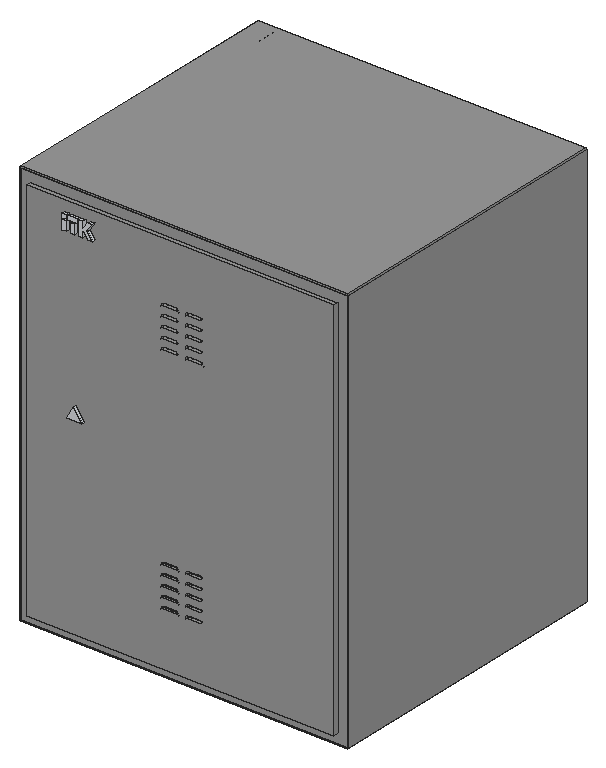
Revit family "Шкаф ITK уличный (навесной)", category Электрооборудование, Revit 2016
Family settings
  Тип детали = Другая панель
  Размер круглого соединителя = Использовать диаметр
  Номер OmniClass = 23.80.30.11.17
  Заголовок OmniClass = Distribution Boards and Control Panels
  На основе рабочей плоскости = Нет
  Всегда вертикально = Да
  При загрузке вырезать с полостями = Нет
  Общий = Нет
  Точка расчета площади = Нет
Parameters
  Ширина УГО = Ширина / 100  # 6.5 mm
  Ширина = 650 mm
  Степень защиты = "IP55"
  Смещение УГО по X [instance] = 1000 mm
  Основание = 1 mm
  Описание = "Серия Outdoor-шкафов ITK для наружной установки отлично подходит для размещения активного и пассивного телекоммуникационного оборудования, электротехнических и измерительных приборов, источников бесперебойного питания и батарей на открытых, удаленных и слабоконтролируемых площадках вне зданий, подверженных неблагоприятным внешним факторам.\r\n\r\nВ таких условиях шкафы LINEA O отлично справляются с задачей поддержания заданного температурного режима, необходимого для установленного оборудования и его корректной работы, а также с защитой от несанкционированного доступа к оборудованию.\r\nАнтивандальная конструкция.\r\nСтатическая нагрузка до 1000 кг.\r\nДоступ к креплению внешних элементов конструкции возможен только изнутри.\r\nПредустановленные вентиляторные блоки для обогрева и охлаждения.\r\nВнутреннее покрытие обеспечивает абсорбцию влажности, создаваемой на внутренней поверхности крыши.\r\nСпециальное внешнее покрытие, устойчивое к жестким климатическим условиям и УФ.\r\nВысокая стойкость к вибрациям и сейсмотолчкам\r\nКорпус шкафа и материал уплотнителя обеспечивают защиту от электромагнитных помех.\r\nСоответствие международным стандартам ISO9001, IEC 61969 и ГОСТ 14254.\r\nРасширенная гарантия до 10 лет."  # constant formula
  Материал = Окраска - RAL 7035
  Type Comments = " "
  Изготовитель = "ITK"  # constant formula
  Засечка УГО = 1.2 mm  # constant formula
  Глубина УГО = Глубина / 100  # 5.93 mm
  Глубина = 593 mm
  Высота = 810 mm
  Вид установки = "Уличный настенный"
  URL = "http://www.itk-group.ru/produktsiya/catalog/?page=section&id=351"
  ADSK_Ток = 0 A
  ADSK_Примечание = ""
  ADSK_Полная мощность = 0 VA
  ADSK_Позиция [instance] = ""
  ADSK_Номинальная мощность = 0 W
  ADSK_Напряжение = 220 V
  ADSK_Наименование краткое = "LO35-12U66-M55"
  ADSK_Наименование = "ITK Шкаф уличный 19\" 12U 650x600, IP55 металл дверь, серый"
  ADSK_Масса = 0
  ADSK_Марка = "LO35-12U66-M55"
  ADSK_Коэффициент мощности = 1
  ADSK_Количество фаз числовое = 1
  ADSK_Количество фаз = 1
  ADSK_Код изделия = ""
  ADSK_Классификация нагрузок = Прочее
  ADSK_Завод-изготовитель = "IEK"
  ADSK_Единица измерения = "шт"
  ADSK_Группирование = "I. ЩИТЫ И ПУЛЬТЫ"
Reference planes
  plane 1 "По центру (Вперед/Назад)": y = 0
  plane 2: z = 0
  plane 3 "По центру (Влево/Вправо)": x = 0
  plane 4: x = -325
  plane 5: x = 325
  plane 6: y = 296.5
  plane 7: y = -296.5
  plane 8: z = 810
  plane 9 "Смещиние УГО по X": x = -1000
Forms (mm)
  Extrusion 1, solid, detail levels coarse+medium
    sketch origin (0, 0, 0) x (1, 0, 0) y (0, 1, 0)
      loop
        line (-325, 296.5) -> (-325, -296.5) -> (325, -296.5) -> (325, 296.5) -> (-325, 296.5)
    from 0 to 810 <- "Высота"
Lines and regions (mm)
  reference lines
    curve 1: line (0, 167.547, 0) -> (0, -172.453, 0)
Dimensions and locks
  equal spacing: plane 7, plane 1 "По центру (Вперед/Назад)", plane 6
  "Глубина": plane 7 to plane 6
  equal spacing: plane 4, plane 3 "По центру (Влево/Вправо)", plane 5
  "Ширина": plane 4 to plane 5
  "Высота": plane 8 to plane 2
  plane 9 "Смещиние УГО по X" to plane 3 "По центру (Влево/Вправо)" = 1000 mm
  "Смещение УГО по X": plane 9 "Смещиние УГО по X" to curve 1
  aligned and locked: level to plane 2
  aligned and locked: plane 3 "По центру (Влево/Вправо)" to nested 1
  aligned and locked: plane 1 "По центру (Вперед/Назад)" to nested 1
  aligned and locked: plane 1 "По центру (Вперед/Назад)" to nested 2
  aligned and locked: plane 3 "По центру (Влево/Вправо)" to nested 2
  aligned and locked: plane 1 "По центру (Вперед/Назад)" to nested 3
  aligned and locked: plane 3 "По центру (Влево/Вправо)" to nested 3
  aligned and locked: plane 1 "По центру (Вперед/Назад)" to nested 4
  aligned and locked: plane 3 "По центру (Влево/Вправо)" to nested 4
  aligned and locked: plane 1 "По центру (Вперед/Назад)" to nested 5
  aligned and locked: nested 5 to curve 1
  aligned and locked: Extrusion 1 sketch curve to plane 4
  aligned and locked: Extrusion 1 sketch curve to plane 6
  aligned and locked: plane 5 to Extrusion 1 sketch curve
  aligned and locked: plane 7 to Extrusion 1 sketch curve
Automatic sketch dimensions
  curve 1 to plane 7 = 124.047 mm
  curve 1 to plane 6 = 128.953 mm
Nested families
  nested 1: "Панель боковая_2шт" at (0, 0, 0), type "Панель боковая_2шт", detail levels fine
    with Высота 810 mm
  nested 2: "Панель задняя" at (0, 0, 0), type "Панель задняя", detail levels fine
    with Ширина 650 mm, Основание 1 mm, Глубина 593 mm, Высота 810 mm, L 2 mm
  nested 3: "Основание_2шт" at (0, 0, 0), type "Основание_2шт", detail levels fine
    with Ширина 650 mm, Основание 1 mm, Крыша1 no, Крыша0 yes, Глубина 593 mm, Высота 810 mm, L 2 mm
  nested 4: "Комплект двери" at (0, 0, 0), type "Комплект двери", detail levels fine
    with Глубина 593 mm, Высота 810 mm
  nested 5: "УГО (одна дверь)" at (0, 0, 0), type "УГО (одна дверь)", detail levels coarse+medium
    with Ширина УГО 6.5 mm, Глубина УГО 5.93 mm
Connectors
  electrical at (0, 296.5, 404.5), driven by "ADSK_Количество фаз", driven by "ADSK_Классификация нагрузок", driven by "ADSK_Напряжение", driven by "ADSK_Полная мощность", driven by "ADSK_Коэффициент мощности"
    settings: on nested 2, index 1, voltage 220 V, apparent load 0 VA, apparent load phase1 0 VA, apparent load phase2 0 VA, apparent load phase3 0 VA, power factor 1, load classification "Прочее", number of poles 1, system type 31, power factor state 1, is connector primary yes, connector utility no, sub classification motor no, connector description ""
Definition of nested family "Панель боковая_2шт"
  Parameters
    Ширина = 650 mm
    Основание = 1 mm
    Материал = none
    Глубина = 593 mm
    Высота = 676 mm
    L1 = if(Высота > 1000 mm, 40 mm, 2 mm)  # 2 mm
    L = if(Высота > 1000 mm, 35 mm, 2 mm)  # 2 mm
  Reference planes
    plane 1 "По центру (Вперед/Назад)": y = 0
    plane 2: z = 0
    plane 3 "По центру (Влево/Вправо)": x = 0
    plane 4: x = -325
    plane 5: x = 325
    plane 6: y = 296.5
    plane 7: y = -296.5
    plane 8: x = -327
    plane 9: x = 327
    plane 10: z = 674
    plane 11: z = 1
    plane 12: z = 676
  Forms (mm)
    Extrusion 1, solid, material <- "Материал"
      sketch origin (0, 0, 0) x (1, 0, 0) y (0, 1, 0)
        loop
          line (-327, 296.5) -> (-327, -296.5) -> (-325, -296.5) -> (-325, 296.5) -> (-327, 296.5)
        loop
          line (325, 296.5) -> (325, -296.5) -> (327, -296.5) -> (327, 296.5) -> (325, 296.5)
      from 1 to 674
  Dimensions and locks
    equal spacing: plane 7, plane 1 "По центру (Вперед/Назад)", plane 6
    equal spacing: plane 4, plane 3 "По центру (Влево/Вправо)", plane 5
    "Ширина": plane 4 to plane 5
    "Глубина": plane 7 to plane 6
    "L1": plane 12 to plane 10
    "Основание": plane 11 to plane 2
    "Высота": plane 12 to plane 2
    "L": plane 8 to plane 4
    "L": plane 5 to plane 9
    aligned and locked: level to plane 2
    aligned and locked: Extrusion 1 sketch curve to plane 6  (x2)
    aligned and locked: plane 8 to Extrusion 1 sketch curve
    aligned and locked: Extrusion 1 sketch curve to plane 7  (x2)
    aligned and locked: Extrusion 1 sketch curve to plane 4
    aligned and locked: Extrusion 1 sketch curve to plane 5
    aligned and locked: plane 9 to Extrusion 1 sketch curve
    aligned and locked: plane 10 to Extrusion 1
    aligned and locked: Extrusion 1 to plane 11
Definition of nested family "Панель задняя"
  Parameters
    Ширина = 600 mm
    Основание = 150 mm
    Материал = none
    Глубина = 600 mm
    Высота = 1800 mm
    L = if(Высота > 1000 mm, 40 mm, 2 mm)  # 40 mm
  Reference planes
    plane 1 "По центру (Вперед/Назад)": y = 0
    plane 2: z = 0
    plane 3 "По центру (Влево/Вправо)": x = 0
    plane 4: x = -300
    plane 5: x = 300
    plane 6: y = 300
    plane 7: y = -300
    plane 8: y = 260
    plane 9: y = -260
    plane 10: x = -260
    plane 11: x = 260
    plane 12: z = 1760
    plane 13: z = 1800
    plane 14: z = 150
  Forms (mm)
    Extrusion 1, solid, material <- "Материал"
      sketch origin (0, 0, 0) x (1, 0, 0) y (0, 1, 0)
        loop
          line (-300, 300) -> (-300, 260) -> (-270, 260) -> (-270, 245) -> (-260, 245) -> (-260, 290) -> (260, 290) -> (260, 245) -> (270, 245) -> (270, 260) -> (300, 260) -> (300, 300) -> (-300, 300)
      from 150 to 1760
  Dimensions and locks
    equal spacing: plane 7, plane 1 "По центру (Вперед/Назад)", plane 6
    equal spacing: plane 4, plane 3 "По центру (Влево/Вправо)", plane 5
    "Ширина": plane 4 to plane 5
    "Глубина": plane 7 to plane 6
    locked: plane 7 to plane 9 at 40
    locked: plane 6 to plane 8 at 40
    locked: plane 11 to plane 5 at 40
    locked: plane 4 to plane 10 at 40
    "L": plane 13 to plane 12
    "Основание": plane 14 to plane 2
    "Высота": plane 13 to plane 2
    aligned and locked: level to plane 2
    aligned and locked: Extrusion 1 sketch curve to plane 6
    aligned and locked: Extrusion 1 sketch curve to plane 4
    aligned and locked: Extrusion 1 sketch curve to plane 8
    aligned and locked: plane 10 to Extrusion 1 sketch curve
    aligned and locked: plane 5 to Extrusion 1 sketch curve
    aligned and locked: Extrusion 1 sketch curve to plane 11
    aligned and locked: plane 8 to Extrusion 1 sketch curve
    aligned and locked: plane 12 to Extrusion 1
    aligned and locked: Extrusion 1 to plane 14
  Automatic sketch dimensions
    Extrusion 1 sketch curve to plane 10 = 10 mm
    Extrusion 1 sketch curve to plane 11 = 10 mm
    Extrusion 1 sketch curve to plane 8 = 15 mm  (x2)
    Extrusion 1 sketch curve to plane 6 = 10 mm
Definition of nested family "Основание_2шт"
  Parameters
    Ширина = 714 mm
    Основание = 120 mm
    Материал = none
    Крыша0 = not(Крыша1)  # no
    Крыша1 = Высота > 1000 mm  # yes
    Глубина = 857 mm
    Высота = 1303 mm
    L = if(Высота > 1000 mm, 40 mm, 2 mm)  # 40 mm
  Reference planes
    plane 1 "По центру (Вперед/Назад)": y = 0
    plane 2: z = 0
    plane 3 "По центру (Влево/Вправо)": x = 0
    plane 4: x = -357
    plane 5: x = 357
    plane 6: y = 428.5
    plane 7: y = -428.5
    plane 8: y = 388.5
    plane 9: y = -388.5
    plane 10: x = -317
    plane 11: x = 317
    plane 12: z = 120
    plane 13: z = 1303
    plane 14: z = 1263
  Forms (mm)
    Extrusion 1, solid, material <- "Материал"
      sketch origin (0, 0, 0) x (1, 0, 0) y (0, 0, 1)
        loop
          line (-357, 120) -> (-357, 0) -> (357, 0) -> (357, 120) -> (-357, 120)
      from -428.5 to 428.5
    Blend 2, solid, material <- "Материал", visible <- "Крыша1"
      base sketch origin (-1511.359, -1524, 1263) x (-1, 0, 0) y (0, -1, 0)
        loop
          line (-1104.359, -1045.5) -> (-1918.359, -1045.5) -> (-1918.359, -2002.5) -> (-1104.359, -2002.5) -> (-1104.359, -1045.5)
      top sketch origin (-1511.359, -1524, 1263) x (-1, 0, 0) y (0, -1, 0)
        loop
          line (-1154.359, -1952.5) -> (-1154.359, -1095.5) -> (-1868.359, -1095.5) -> (-1868.359, -1952.5) -> (-1154.359, -1952.5)
      from 0 to 40
    Extrusion 3, solid, material <- "Материал", visible <- "Крыша0"
      sketch origin (0, 0, 0) x (1, 0, 0) y (0, 1, 0)
        loop
          line (-357, 428.5) -> (-357, -428.5) -> (357, -428.5) -> (357, 428.5) -> (-357, 428.5)
      from 1263 to 1303
  Dimensions and locks
    equal spacing: plane 7, plane 1 "По центру (Вперед/Назад)", plane 6
    equal spacing: plane 4, plane 3 "По центру (Влево/Вправо)", plane 5
    "Ширина": plane 4 to plane 5
    "Глубина": plane 7 to plane 6
    locked: plane 7 to plane 9 at 40
    locked: plane 6 to plane 8 at 40
    locked: plane 11 to plane 5 at 40
    locked: plane 4 to plane 10 at 40
    "L": plane 13 to plane 14
    "Основание": plane 12 to plane 2
    "Высота": plane 13 to plane 2
    aligned and locked: level to plane 2
    aligned and locked: Extrusion 1 sketch curve to plane 12
    aligned and locked: plane 4 to Extrusion 1 sketch curve
    aligned and locked: plane 5 to Extrusion 1 sketch curve
    aligned and locked: plane 6 to Extrusion 1
    aligned and locked: plane 7 to Extrusion 1
    aligned and locked: Extrusion 1 to level
    aligned and locked: Blend 2 sketch curve to Extrusion 1  (x4)
    aligned and locked: plane 13 to Blend 2
    aligned and locked: Blend 2 to plane 14
    aligned and locked: Extrusion 3 sketch curve to Extrusion 1  (x4)
    aligned and locked: Extrusion 3 to plane 14
    aligned and locked: plane 13 to Extrusion 3
  Automatic sketch dimensions
    Extrusion 1 sketch curve to plane 12 = 120 mm
    plane 6 to Blend 2 sketch curve = 50 mm
    Blend 2 sketch curve to plane 5 = 50 mm
    Blend 2 sketch curve to plane 4 = 50 mm
    plane 7 to Blend 2 sketch curve = 50 mm
Definition of nested family "Комплект двери"
  Parameters
    Ширина = 650 mm
    Материал = none
    Глубина = 600 mm
    Высота = 600 mm
    a = 150 mm
    L = 2 mm
  Reference planes
    plane 1 "По центру (Вперед/Назад)": y = 0
    plane 2: z = 0
    plane 3 "По центру (Влево/Вправо)": x = 0
    plane 4: x = -325
    plane 5: x = 325
    plane 6: y = 300
    plane 7: y = -300
    plane 8: y = 298
    plane 9: y = -298
    plane 10: x = -305
    plane 11: x = 305
    plane 12: z = 598
    plane 13: z = 20
    plane 14: z = 578
    plane 15: z = 600
    plane 16: x = -205
    plane 17: z = 528
    plane 18: y = -310
    plane 19: z = 378
    plane 20: z = 300
  Forms (mm)
    Extrusion 1, solid, material <- "Материал"
      sketch origin (0, 0, 0) x (1, 0, 0) y (0, 1, 0)
        loop
          line (-305, -310) -> (305, -310) -> (305, -300) -> (-305, -300) -> (-305, -310)
      from 20 to 578
    Extrusion 2, solid, material <- "Материал"
      sketch origin (0, 0, 0) x (1, 0, 0) y (0, 1, 0)
        loop
          line (-325, -298) -> (-325, -300) -> (325, -300) -> (325, -298) -> (-325, -298)
      from 1 to 598
    Extrusion 3, void
      sketch origin (0, 0, -25) x (1, 0, 0) y (0, 0, 1)
        loop
          line (-10.265, 403) -> (-2.643, 403)
          arc (-2.643, 403) -> (-4.876, 408.39) -> (-10.265, 410.622) r 7.622
          line (-10.265, 410.622) -> (-29.945, 410.622)
          arc (-29.945, 410.622) -> (-35.335, 408.39) -> (-37.567, 403) r 7.622
          line (-37.567, 403) -> (-29.945, 403) -> (-10.265, 403)
        loop
          arc (46.557, 403) -> (44.324, 408.39) -> (38.935, 410.622) r 7.622
          line (38.935, 410.622) -> (19.255, 410.622)
          arc (19.255, 410.622) -> (13.865, 408.39) -> (11.633, 403) r 7.622
          line (11.633, 403) -> (19.255, 403) -> (38.935, 403) -> (46.557, 403)
        loop
          arc (46.557, 481.72) -> (44.324, 487.11) -> (38.935, 489.342) r 7.622
          line (38.935, 489.342) -> (19.255, 489.342)
          arc (19.255, 489.342) -> (13.865, 487.11) -> (11.633, 481.72) r 7.622
          line (11.633, 481.72) -> (19.255, 481.72) -> (38.935, 481.72) -> (46.557, 481.72)
        loop
          arc (-2.643, 481.72) -> (-4.876, 487.11) -> (-10.265, 489.342) r 7.622
          line (-10.265, 489.342) -> (-29.945, 489.342)
          arc (-29.945, 489.342) -> (-35.335, 487.11) -> (-37.567, 481.72) r 7.622
          line (-37.567, 481.72) -> (-29.945, 481.72) -> (-10.265, 481.72) -> (-2.643, 481.72)
        loop
          arc (-2.643, 462.04) -> (-4.876, 467.43) -> (-10.265, 469.662) r 7.622
          line (-10.265, 469.662) -> (-29.945, 469.662)
          arc (-29.945, 469.662) -> (-35.335, 467.43) -> (-37.567, 462.04) r 7.622
          line (-37.567, 462.04) -> (-29.945, 462.04) -> (-10.265, 462.04) -> (-2.643, 462.04)
        loop
          line (-10.265, 442.36) -> (-2.64, 442.36)
          arc (-2.64, 442.36) -> (-4.872, 447.75) -> (-10.261, 449.982) r 7.621
          line (-10.261, 449.982) -> (-29.941, 449.982)
          arc (-29.941, 449.982) -> (-35.331, 447.75) -> (-37.564, 442.36) r 7.623
          line (-37.564, 442.36) -> (-29.945, 442.36) -> (-10.265, 442.36)
        loop
          line (-10.265, 422.68) -> (-2.645, 422.68)
          arc (-2.645, 422.68) -> (-4.877, 428.07) -> (-10.268, 430.303) r 7.623
          line (-10.268, 430.303) -> (-29.943, 430.303)
          arc (-29.943, 430.303) -> (-35.333, 428.07) -> (-37.566, 422.68) r 7.623
          line (-37.566, 422.68) -> (-29.945, 422.68) -> (-10.265, 422.68)
        loop
          line (38.935, 422.68) -> (46.557, 422.68)
          arc (46.557, 422.68) -> (44.322, 428.072) -> (38.929, 430.302) r 7.622
          line (38.929, 430.302) -> (19.257, 430.302)
          arc (19.257, 430.302) -> (13.867, 428.07) -> (11.634, 422.68) r 7.623
          line (11.634, 422.68) -> (19.255, 422.68) -> (38.935, 422.68)
        loop
          line (38.935, 442.36) -> (46.557, 442.36)
          arc (46.557, 442.36) -> (44.321, 447.753) -> (38.925, 449.983) r 7.622
          line (38.925, 449.983) -> (19.259, 449.983)
          arc (19.259, 449.983) -> (13.868, 447.75) -> (11.635, 442.36) r 7.623
          line (11.635, 442.36) -> (19.255, 442.36) -> (38.935, 442.36)
        loop
          line (38.935, 462.04) -> (46.557, 462.04)
          arc (46.557, 462.04) -> (44.324, 467.43) -> (38.935, 469.662) r 7.622
          line (38.935, 469.662) -> (19.255, 469.662)
          arc (19.255, 469.662) -> (13.865, 467.43) -> (11.633, 462.04) r 7.622
          line (11.633, 462.04) -> (19.255, 462.04) -> (38.935, 462.04)
      from 300 to 310
    Extrusion 4, void
      sketch origin (0, 0, -525) x (1, 0, 0) y (0, 0, 1)
        loop
          line (-10.265, 651.218) -> (-2.643, 651.218)
          arc (-2.643, 651.218) -> (-4.876, 656.607) -> (-10.265, 658.84) r 7.622
          line (-10.265, 658.84) -> (-29.945, 658.84)
          arc (-29.945, 658.84) -> (-35.335, 656.607) -> (-37.567, 651.218) r 7.622
          line (-37.567, 651.218) -> (-29.945, 651.218) -> (-10.265, 651.218)
        loop
          arc (46.557, 651.218) -> (44.324, 656.607) -> (38.935, 658.84) r 7.622
          line (38.935, 658.84) -> (19.255, 658.84)
          arc (19.255, 658.84) -> (13.865, 656.607) -> (11.633, 651.218) r 7.622
          line (11.633, 651.218) -> (19.255, 651.218) -> (38.935, 651.218) -> (46.557, 651.218)
        loop
          arc (46.557, 729.938) -> (44.324, 735.327) -> (38.935, 737.56) r 7.622
          line (38.935, 737.56) -> (19.255, 737.56)
          arc (19.255, 737.56) -> (13.865, 735.327) -> (11.633, 729.938) r 7.622
          line (11.633, 729.938) -> (19.255, 729.938) -> (38.935, 729.938) -> (46.557, 729.938)
        loop
          arc (-2.643, 729.938) -> (-4.876, 735.327) -> (-10.265, 737.56) r 7.622
          line (-10.265, 737.56) -> (-29.945, 737.56)
          arc (-29.945, 737.56) -> (-35.335, 735.327) -> (-37.567, 729.938) r 7.622
          line (-37.567, 729.938) -> (-29.945, 729.938) -> (-10.265, 729.938) -> (-2.643, 729.938)
        loop
          arc (-2.643, 710.258) -> (-4.876, 715.647) -> (-10.265, 717.88) r 7.622
          line (-10.265, 717.88) -> (-29.945, 717.88)
          arc (-29.945, 717.88) -> (-35.335, 715.647) -> (-37.567, 710.258) r 7.622
          line (-37.567, 710.258) -> (-29.945, 710.258) -> (-10.265, 710.258) -> (-2.643, 710.258)
        loop
          line (-10.265, 690.577) -> (-2.64, 690.577)
          arc (-2.64, 690.577) -> (-4.872, 695.967) -> (-10.261, 698.2) r 7.621
          line (-10.261, 698.2) -> (-29.941, 698.2)
          arc (-29.941, 698.2) -> (-35.331, 695.967) -> (-37.564, 690.577) r 7.623
          line (-37.564, 690.577) -> (-29.945, 690.577) -> (-10.265, 690.577)
        loop
          line (-10.265, 670.897) -> (-2.645, 670.897)
          arc (-2.645, 670.897) -> (-4.877, 676.288) -> (-10.268, 678.52) r 7.623
          line (-10.268, 678.52) -> (-29.943, 678.52)
          arc (-29.943, 678.52) -> (-35.333, 676.288) -> (-37.566, 670.897) r 7.623
          line (-37.566, 670.897) -> (-29.945, 670.897) -> (-10.265, 670.897)
        loop
          line (38.935, 670.897) -> (46.557, 670.897)
          arc (46.557, 670.897) -> (44.322, 676.29) -> (38.929, 678.52) r 7.622
          line (38.929, 678.52) -> (19.257, 678.52)
          arc (19.257, 678.52) -> (13.867, 676.287) -> (11.634, 670.897) r 7.623
          line (11.634, 670.897) -> (19.255, 670.897) -> (38.935, 670.897)
        loop
          line (38.935, 690.577) -> (46.557, 690.577)
          arc (46.557, 690.577) -> (44.321, 695.971) -> (38.925, 698.2) r 7.622
          line (38.925, 698.2) -> (19.259, 698.2)
          arc (19.259, 698.2) -> (13.868, 695.968) -> (11.635, 690.577) r 7.623
          line (11.635, 690.577) -> (19.255, 690.577) -> (38.935, 690.577)
        loop
          line (38.935, 710.258) -> (46.557, 710.258)
          arc (46.557, 710.258) -> (44.324, 715.647) -> (38.935, 717.88) r 7.622
          line (38.935, 717.88) -> (19.255, 717.88)
          arc (19.255, 717.88) -> (13.865, 715.647) -> (11.633, 710.258) r 7.622
          line (11.633, 710.258) -> (19.255, 710.258) -> (38.935, 710.258)
      from 300 to 310
    Extrusion 5, solid
      sketch origin (0, 0, 0) x (1, 0, 0) y (0, 0, 1)
        loop
          line (-220, 300) -> (-190, 300) -> (-205, 325.981) -> (-220, 300)
      from 310 to 313.876
  Cuts and joins
    Extrusion 3, Extrusion 4 cuts Extrusion 1
    Extrusion 4 cuts Extrusion 2
  Dimensions and locks
    equal spacing: plane 7, plane 1 "По центру (Вперед/Назад)", plane 6
    equal spacing: plane 4, plane 3 "По центру (Влево/Вправо)", plane 5
    "Ширина": plane 4 to plane 5
    "Глубина": plane 7 to plane 6
    "L": plane 7 to plane 9
    "L": plane 6 to plane 8
    locked: plane 11 to plane 5 at 20
    locked: plane 4 to plane 10 at 20
    locked: plane 12 to plane 14 at 20
    "L": plane 15 to plane 12
    locked: plane 16 to plane 4 at 120
    locked: plane 14 to plane 17 at 50
    "Высота": plane 15 to plane 2
    locked: plane 18 to plane 7 at 10
    "a": plane 17 to plane 19
    locked: plane 13 to plane 2 at 20
    equal spacing: plane 15, plane 20, plane 2
    aligned and locked: level to plane 2
    aligned and locked: plane 14 to Extrusion 1
    aligned and locked: Extrusion 1 to plane 13
    aligned and locked: Extrusion 1 sketch curve to plane 11
    aligned and locked: plane 18 to Extrusion 1 sketch curve
    aligned and locked: plane 7 to Extrusion 1 sketch curve
    aligned and locked: plane 9 to Extrusion 2 sketch curve
    aligned and locked: plane 4 to Extrusion 2 sketch curve
    aligned and locked: Extrusion 2 sketch curve to plane 7
    aligned and locked: plane 5 to Extrusion 2 sketch curve
    aligned and locked: plane 12 to Extrusion 2
    aligned and locked: plane 19 to Extrusion 3
    aligned and locked: plane 18 to Extrusion 3
    aligned and locked: Extrusion 3 to plane 7
    aligned and locked: nested 1 to plane 17
    aligned and locked: plane 16 to nested 1
    aligned and locked: nested 1 to Extrusion 5
  Automatic sketch dimensions
    Extrusion 1 sketch curve to plane 10 = 0 mm
    Extrusion 3 sketch curve to plane 19 = 0 mm  (x4)
    Extrusion 3 sketch curve to plane 3 "По центру (Влево/Вправо)" = 37.567 mm  (x2)
    Extrusion 3 sketch curve to Extrusion 3 sketch curve = 0 mm  (x20)
    Extrusion 3 sketch curve to Extrusion 3 sketch curve = 0.001 mm  (x2)
    Extrusion 3 sketch curve to Extrusion 3 sketch curve = 0.003 mm
    Extrusion 3 sketch curve to Extrusion 3 sketch curve = 7.619 mm
    Extrusion 3 sketch curve to Extrusion 3 sketch curve = 7.621 mm
    Extrusion 3 sketch curve to Extrusion 3 sketch curve = 7.622 mm  (x10)
    Extrusion 3 sketch curve to Extrusion 3 sketch curve = 0.002 mm  (x3)
    Extrusion 3 sketch curve to Extrusion 3 sketch curve = 0.004 mm  (x3)
    Extrusion 3 sketch curve to plane 3 "По центру (Влево/Вправо)" = 10.268 mm
    Extrusion 3 sketch curve to plane 3 "По центру (Влево/Вправо)" = 10.265 mm  (x4)
    Extrusion 3 sketch curve to plane 3 "По центру (Влево/Вправо)" = 2.645 mm
    Extrusion 3 sketch curve to plane 3 "По центру (Влево/Вправо)" = 2.643 mm  (x3)
    Extrusion 3 sketch curve to plane 3 "По центру (Влево/Вправо)" = 2.64 mm
    plane 3 "По центру (Влево/Вправо)" to Extrusion 3 sketch curve = 11.633 mm  (x3)
    plane 3 "По центру (Влево/Вправо)" to Extrusion 3 sketch curve = 11.634 mm
    plane 3 "По центру (Влево/Вправо)" to Extrusion 3 sketch curve = 11.635 mm
    Extrusion 3 sketch curve to Extrusion 3 sketch curve = 7.62 mm  (x2)
    Extrusion 3 sketch curve to Extrusion 3 sketch curve = 19.666 mm
    Extrusion 3 sketch curve to Extrusion 3 sketch curve = 19.671 mm
    Extrusion 3 sketch curve to Extrusion 3 sketch curve = 0.01 mm  (x2)
    Extrusion 3 sketch curve to Extrusion 3 sketch curve = 0.006 mm
    Extrusion 3 sketch curve to Extrusion 3 sketch curve = 19.68 mm
    Extrusion 3 sketch curve to Extrusion 3 sketch curve = 12.058 mm  (x5)
    Extrusion 3 sketch curve to Extrusion 3 sketch curve = 7.623 mm
    Extrusion 3 sketch curve to Extrusion 3 sketch curve = 12.056 mm
    Extrusion 3 sketch curve to Extrusion 3 sketch curve = 12.057 mm  (x3)
    Extrusion 4 sketch curve to plane 3 "По центру (Влево/Вправо)" = 37.567 mm  (x2)
    Extrusion 4 sketch curve to Extrusion 4 sketch curve = 0 mm  (x23)
    Extrusion 4 sketch curve to Extrusion 4 sketch curve = 0.001 mm  (x2)
    Extrusion 4 sketch curve to Extrusion 4 sketch curve = 0.003 mm
    Extrusion 4 sketch curve to Extrusion 4 sketch curve = 7.619 mm
    Extrusion 4 sketch curve to Extrusion 4 sketch curve = 7.621 mm
    Extrusion 4 sketch curve to Extrusion 4 sketch curve = 7.622 mm  (x10)
    Extrusion 4 sketch curve to Extrusion 4 sketch curve = 0.002 mm  (x3)
    Extrusion 4 sketch curve to Extrusion 4 sketch curve = 0.004 mm  (x3)
    Extrusion 4 sketch curve to plane 3 "По центру (Влево/Вправо)" = 10.268 mm
    Extrusion 4 sketch curve to plane 3 "По центру (Влево/Вправо)" = 10.265 mm  (x4)
    Extrusion 4 sketch curve to plane 3 "По центру (Влево/Вправо)" = 2.645 mm
    Extrusion 4 sketch curve to plane 3 "По центру (Влево/Вправо)" = 2.643 mm  (x3)
    Extrusion 4 sketch curve to plane 3 "По центру (Влево/Вправо)" = 2.64 mm
    plane 3 "По центру (Влево/Вправо)" to Extrusion 4 sketch curve = 11.633 mm  (x3)
    plane 3 "По центру (Влево/Вправо)" to Extrusion 4 sketch curve = 11.634 mm
    plane 3 "По центру (Влево/Вправо)" to Extrusion 4 sketch curve = 11.635 mm
    Extrusion 4 sketch curve to Extrusion 4 sketch curve = 7.62 mm  (x2)
    Extrusion 4 sketch curve to Extrusion 4 sketch curve = 19.666 mm
    Extrusion 4 sketch curve to Extrusion 4 sketch curve = 19.671 mm
    Extrusion 4 sketch curve to Extrusion 4 sketch curve = 0.01 mm  (x2)
    Extrusion 4 sketch curve to Extrusion 4 sketch curve = 0.006 mm
    Extrusion 4 sketch curve to Extrusion 4 sketch curve = 19.68 mm
    plane 13 to Extrusion 4 sketch curve = 106.218 mm
    Extrusion 4 sketch curve to Extrusion 4 sketch curve = 12.058 mm  (x5)
    Extrusion 4 sketch curve to Extrusion 4 sketch curve = 7.623 mm
    Extrusion 4 sketch curve to Extrusion 4 sketch curve = 12.056 mm
    Extrusion 4 sketch curve to Extrusion 4 sketch curve = 12.057 mm  (x3)
    Extrusion 5 sketch curve to plane 20 = 0 mm
    Extrusion 5 sketch curve to plane 16 = 0 mm
    plane 16 to Extrusion 5 sketch curve = 15 mm
    plane 20 to Extrusion 5 sketch curve = 25.981 mm
    Extrusion 5 sketch curve to plane 16 = 15 mm
  Nested families
    nested 1: "Логотип" at (-205, -310, 528) x (1, 0, 0) z (0, -1, 0), type "Логотип"
  Definition of nested family "Логотип"
    Parameters
      Default Elevation = 1219.2 mm
      Материал = none
    Reference planes
      plane 1 "По центру (Вперед/Назад)": y = 0
      plane 2: z = 0
      plane 3 "По центру (Влево/Вправо)": x = 0
    Forms (mm)
      Extrusion 1, solid
        sketch origin (0, 0, 0) x (1, 0, 0) y (0, 1, 0)
          loop
            line (-1219.2, 1219.2) -> (-1219.2, -1219.2) -> (1219.2, -1219.2) -> (1219.2, 1219.2) -> (-1219.2, 1219.2)
        from 0 to -304.8
      Extrusion 2, solid, material <- "Материал"
        sketch origin (0, 0, 0) x (1, 0, 0) y (0, 1, 0)
          loop
            line (-24.198, 18.809) -> (-24.198, 0) -> (-15.975, 0) -> (-15.975, 18.809) -> (-24.198, 18.809)
          loop
            line (0.039, 18.809) -> (-7.705, 18.809) -> (-7.705, 0) -> (0.039, 0) -> (0.039, 18.809)
          loop
            line (-24.198, 21.431) -> (-15.975, 21.431) -> (-15.975, 29.41) -> (-24.198, 29.41) -> (-24.198, 21.431)
          loop
            line (8.482, 29.41) -> (8.482, 0) -> (16.233, 0) -> (16.233, 11.027) -> (19.197, 11.027) -> (26.358, 0) -> (35.802, 0) -> (25.102, 14.728) -> (35.802, 29.41) -> (26.358, 29.41) -> (19.197, 18.383) -> (16.233, 18.383) -> (16.233, 29.41) -> (8.482, 29.41)
          loop
            line (-13.581, 29.41) -> (-13.581, 21.431) -> (5.915, 21.431) -> (5.915, 29.41) -> (-13.581, 29.41)
        from 0 to 7
    Dimensions and locks
      aligned and locked: plane 2 to Extrusion 1
      aligned and locked: level to Extrusion 1
Definition of nested family "УГО (одна дверь)"
  Parameters (values of type "УГО (одна дверь)")
    Ширина УГО = 7.14 mm
    Засечка УГО = 1.2 mm
    Глубина УГО = 8.57 mm
  Reference planes
    plane 1: y = 0
    plane 2: x = 0
  Lines and regions (mm)
    detail lines
      curve 1: line (-3.57, 4.285, 0) -> (3.57, 4.285, 0)
      curve 2: line (-3.57, -4.285, 0) -> (-3.57, 4.285, 0)
      curve 3: line (3.57, -4.285, 0) -> (-3.57, -4.285, 0)
      curve 4: line (3.57, 4.285, 0) -> (3.57, -4.285, 0)
      curve 5: line (3.57, -4.285, 0) -> (3.57, -11.425, 0)
      curve 6: arc (-3.57, -4.285, 0) -> (-1.479, -9.334, 0) -> (3.57, -11.425, 0) r 7.14
      curve 7: line (3.57, -3.085, 0) -> (-3.57, -3.085, 0)
  Dimensions and locks
    equal spacing: curve 2, plane 2, curve 4
    "Ширина УГО": curve 2 to curve 4
    equal spacing: curve 1, plane 1, curve 3
    "Глубина УГО": curve 1 to curve 3
    "Ширина УГО": curve 3 to curve 5
    "Засечка УГО": curve 7 to curve 3
Types in the file's own list only (3): name | Ширина УГО | Ширина | Основание | Засечка УГО | Глубина УГО | Глубина | Высота | ADSK_Ток | ADSK_Полная мощность | ADSK_Номинальная мощность | ADSK_Напряжение | ADSK_Наименование краткое | ADSK_Наименование | ADSK_Марка
  LO35-09U66-M55 | 7 мм | 650 мм | 1 мм | 1 мм | 6 мм | 593 мм | 676 мм | 0 А | 0 В·А | 0 Вт | 220 В | "LO35-09U66-M55" | "ITK Шкаф уличный 19\" 9U 650x600, IP55 металл дверь, серый" | "LO35-09U66-M55"
  LO35-12U66-M55 | 7 мм | 650 мм | 1 мм | 1 мм | 6 мм | 593 мм | 810 мм | 0 А | 0 В·А | 0 Вт | 220 В | "LO35-12U66-M55" | "ITK Шкаф уличный 19\" 12U 650x600, IP55 металл дверь, серый" | "LO35-12U66-M55"
  LO35-15U66-M55 | 7 мм | 650 мм | 1 мм | 1 мм | 6 мм | 593 мм | 944 мм | 0 А | 0 В·А | 0 Вт | 220 В | "LO35-15U66-M55" | "ITK Шкаф уличный 19\" 15U 650x600, IP55 металл дверь, серый" | "LO35-15U66-M55"
